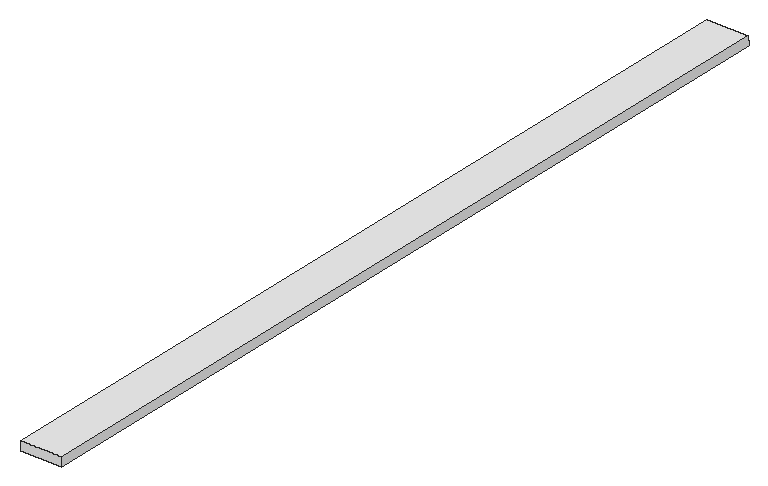
Revit family "Door-Hardware_Hinge_Hager_Stainless-Continuous", category Specialty Equipment, Revit 2023
Family settings
  Round Connector Dimension = Use Diameter
  Part Type = Normal
  OmniClass Number = 23.30.40.24.11
  OmniClass Title = Hinges
  Work Plane-Based = Yes
  Enable Cutting in Views = No
  Always vertical = No
  Cut with Voids When Loaded = No
  Maintain Annotation Orientation = No
  Shared = Yes
  Room Calculation Point = No
Parameters (values of type "Full Surface 909")
  Warranty Duration (Years) = 0
  Unit Length [instance] = 6' - 0"
  URL = "http://www.hagerco.com/"
  Suggested Use = "as Specified"
  Standards Conformance = "as Specified"
  Specification = "http://www.arcat.com/sdspecs/htm04/08_71_00hco.htm"
  SpecWizard = ""
  Send Message = ""
  Sales Information = "http://www.hagerco.com/contact-us.aspx"
  Revision = "R1_2015-10"
  Restrictions = "as Specified"
  Product Properties = ""
  Product Data = "http://www.arcat.com/arcatcos/cos32/arc32922.html"
  Model = "790-909"
  Manufacturer Website = "http://www.hagerco.com/"
  Manufacturer Phone - Toll Free = "800-325-9995"
  Manufacturer Phone = "314-772-4400"
  Manufacturer Fax = "800-782-0149"
  Manufacturer Address = "139 Victor St.  St. Louis, MO 63104"
  Manufacturer = "Hager Companies"
  Maintenance Schedule (Months) = 0
  Keynote = "087100"
  Installation-Fabrication = ""
  Installation Phase = ""
  Hinge Design = Hinge : Hinge
  Green Building-LEED = ""
  Hinge Width = 0' - 3 1/2"
  Hinge Depth = 0' - 0 3/4"
  Fixture Finish [instance] = Metal - Standard US Finish as Specified
  Expected Lifespan (Years) = 0
  Drawn By = "Sumex Design, Inc. / Robert S. Weygant, CSI, CDT, SCIP"
  Description = "Hager Standard Duty Stainless Steel Continuous Hinge - Full Surface 790-909 as Specified"
  Default Elevation = 0' - 0"
  Copyright = "©Arcat Inc."
  Construction Details = ""
  Clearance Required = 0' - 0"
  Capacity = "as Specified"
  Available Options = "as Specified"
  Assembly Code = "C1020410"
  Air Space Below Door [instance] = 0' - 0 1/2"
Types (9): name | Model | Hinge Width | Hinge Depth | Description
  Full Surface 909 | "790-909" | 0' - 3 1/2" | 0' - 0 3/4" | "Hager Standard Duty Stainless Steel Continuous Hinge - Full Surface 790-909 as Specified"
  Half Mortise 906 | "790-906" | 0' - 1 7/8" | 0' - 0 3/4" | "Hager Standard Duty Stainless Steel Continuous Hinge - Half Mortise 790-906 as Specified"
  Half Mortise 904 | "790-904" | 0' - 1 7/8" | 0' - 0 3/4" | "Hager Standard Duty Stainless Steel Continuous Hinge - Half Mortise 790-904 as Specified"
  Half Surface 903 | "790-903" | 0' - 1 7/8" | 0' - 0 1/2" | "Hager Standard Duty Stainless Steel Continuous Hinge - Half Surface 790-903 as Specified"
  Concealed Swing Clear 911 | "790-911" | 0' - 2" | 0' - 0 7/16" | "Hager Standard Duty Stainless Steel Continuous Hinge - Concealed Swing Clear 790-911 as Specified"
  Concealed Swing Clear Corner Guard 926 | "790-926" | 0' - 2" | 0' - 0 7/16" | "Hager Standard Duty Stainless Steel Continuous Hinge - Concealed Swing Clear 790-926 as Specified"
  Concealed Corner Wrap 915 | "790-915" | 0' - 0 3/8" | 0' - 0 1/2" | "Hager Standard Duty Stainless Steel Continuous Hinge - Concealed 790-915 as Specified"
  Concealed Corner Guard 905 | "790-905" | 0' - 0 3/8" | 0' - 0 1/2" | "Hager Standard Duty Stainless Steel Continuous Hinge - Concealed 790-905 as Specified"
  Concealed 900 | "790-900" | 0' - 0 3/8" | 0' - 0 1/2" | "Hager Standard Duty Stainless Steel Continuous Hinge - Concealed 790-900 as Specified"
Reference planes (in)
  plane 1 "CL": y = -4.25
  plane 2 "Bottom": z = 0
  plane 3 "Center Rig": x = 0
  plane 4: y = 32
  plane 5: y = -40.5
  plane 6: y = -40
Dimensions and locks (in)
  equal spacing: plane 4, plane 1 "CL", plane 5
  "Unit Length": plane 4 to plane 6
  "Air Space Below Door": plane 6 to plane 5
  aligned and locked: plane 3 "Center Rig" to nested 1
Nested families (in)
  nested 1: "Hinge" at (0, -40, 0), type <- "Hinge Design", length <- "Unit Length", finish <- "Fixture Finish", gear width <- "Hinge Width", gear depth <- "Hinge Depth", type "Hinge"
    with width 0' - 3.82271", length 6' - 0", gear width 0' - 3 1/2", gear depth 0' - 0 3/4", finish Metal - Standard US Finish as Specified, Hinge Extend Right 0' - 0", Hinge Extend Left 0' - 0"
Definition of nested family "Hinge"
  Parameters
    width [instance] = 0' - 3.82271"
    length [instance] = 4' - 0"
    gear width [instance] = 0' - 3.82271"
    gear depth [instance] = 0' - 1"
    finish [instance] = none
    Hinge Extend Right [instance] = 0' - 2 3/4"
    Hinge Extend Left [instance] = 0' - 2 1/4"
    Default Elevation = 0' - 0"
    Assembly Code = ""
  Reference planes (in)
    plane 1 "Center (Front/Back)": y = 0
    plane 2: z = 0
    plane 3 "Center (Left/Right)": x = 0
    plane 4: y = 48
    plane 5: x = -1.91136
    plane 6: x = 1.91136
    plane 7: x = 4.66136
    plane 8: x = -4.16136
  Forms (in)
    Extrusion 1, solid, material <- "finish"
      sketch origin (0, 0, 0) x (1, 0, 0) y (0, 0, 1)
        loop
          line (-1.91136, 0) -> (1.91136, 0) -> (1.91136, 1) -> (-1.91136, 1) -> (-1.91136, 0)
      from -48 to 0
    Extrusion 2, solid, material <- "finish"
      sketch origin (0, 0, 0) x (1, 0, 0) y (0, 0, 1)
        loop
          line (4.66136, 0.1875) -> (-4.16136, 0.1875) -> (-4.16136, 0) -> (4.66136, 0) -> (4.66136, 0.1875)
      from 0 to -48
  Cuts and joins
    joined: Extrusion 1, Extrusion 2
  Dimensions and locks (in)
    "length": plane 1 "Center (Front/Back)" to plane 4
    equal spacing: plane 6, plane 3 "Center (Left/Right)", plane 5
    "gear width": plane 6 to plane 5
    "gear depth": Extrusion 1 sketch curve to level
    "Hinge Extend Left": plane 5 to plane 8
    "Hinge Extend Right": plane 7 to plane 6
    locked: Extrusion 2 sketch curve to plane 2 at 0.1875
    aligned and locked: plane 2 to level
    aligned and locked: plane 4 to Extrusion 1
    aligned and locked: plane 1 "Center (Front/Back)" to Extrusion 1
    aligned and locked: Extrusion 1 sketch curve to plane 5
    aligned and locked: Extrusion 1 sketch curve to plane 6
    aligned and locked: plane 7 to Extrusion 2 sketch curve
    aligned and locked: Extrusion 2 sketch curve to plane 8
    aligned and locked: plane 4 to Extrusion 2
    aligned and locked: plane 1 "Center (Front/Back)" to Extrusion 2
  Automatic sketch dimensions
    Extrusion 1 sketch curve to level = 0' - 0"
    Extrusion 2 sketch curve to level = 0' - 0"
